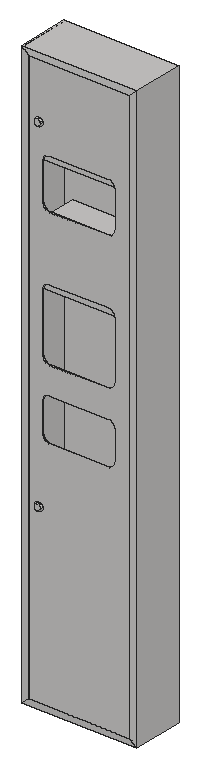
Revit family "Hand Dryer_3 In 1_Metlam_Eco_Surface Mounted", category Specialty Equipment, Revit 2016
Family settings
  Part Type = Normal
  Round Connector Dimension = Use Diameter
  OmniClass Number = 23.40.20.21.17
  OmniClass Title = Paper Towel Dispensers, Disposal Units
  Work Plane-Based = No
  Always vertical = Yes
  Cut with Voids When Loaded = Yes
  Shared = No
  Room Calculation Point = Yes
Parameters (values of type "318w x 142d x 1625h (ML_ECO_73N1SM)")
  Voltage = 240 V
  URL = "http://www.metlam.com.au/"
  Type Comments = "3 in 1 Combo Units"  # constant formula
  Model = "ML_ECO_73N1SM"
  Material_ANZRS = z_Metlam_Metal_Stainless Steel_Satin
  Manufacturer_URL__Product Specific = "https://www.metlam.com.au/product/content/hand-dryers/ML_ECO_73N1SM"
  Manufacturer_Spec Code = Model  # "ML_ECO_73N1SM"
  Manufacturer_Overall Width = 318 mm
  Manufacturer_Overall Height = 1625 mm
  Manufacturer_Overall Depth = 145 mm
  Manufacturer_Height From FFL [instance] = 0 mm
  Manufacturer = "Metlam"  # constant formula
  Description = "Paper Towel Dispenser, Eco Hand Dryer & Waste Receptacle Surface Mounted"
  CreatedBy_ANZRS = "IGS BIM Solutions"  # constant formula
  CreatedByURL_ANZRS = "http://www.igsgroup.com.au/"
  Assembly Code = ""
Reference planes
  plane 1 "Back": y = 0
  plane 2 "Ref. Level": z = 0
  plane 3 "Center (Left/Right)": x = 0
  plane 4 "Left": x = -159
  plane 5 "Right": x = 159
  plane 6 "Inside_Front": y = -138.5
  plane 7 "Front": y = -145
  plane 8 "Top": z = 1625
  plane 9 "Bottom": z = 0
  plane 10 "Inside_Top": z = 1606.5
  plane 11 "Inside_Bottom": z = 18.5
  plane 12 "Inside_Left": x = -140
  plane 13 "Inside_Right": x = 140
  plane 14 "Waste_Opening_Top": z = 788.5
  plane 15 "Inside Back": y = -2
  plane 16 "Paper Dispenser_Opening_Top": z = 1381.5
  plane 17 "Hand Dryer Opening_Top": z = 1063.5
Forms (mm)
  Extrusion 1, solid, material "z_Metlam_Metal_Stainless Steel_Satin" <- "Material_ANZRS"
    sketch origin (0, 0, 1265) x (1, 0, 0) y (0, 0, 1)
      loop
        line (-159, -1265) -> (159, -1265) -> (159, 360) -> (-159, 360) -> (-159, -1265)
      loop
        line (-157, -1263) -> (157, -1263) -> (157, 358) -> (-157, 358) -> (-157, -1263)
    from 0 to 138.5
  Extrusion 2, solid, material "z_Metlam_Metal_Stainless Steel_Satin" <- "Material_ANZRS"
    sketch origin (0, 0, 0) x (1, 0, 0) y (0, 0, 1)
      loop
        line (-159, 0) -> (159, 0) -> (159, 1625) -> (-159, 1625) -> (-159, 0)
    from 0 to 2
  Blend 3, solid, material "z_Metlam_Metal_Stainless Steel_Satin" <- "Material_ANZRS"
    base sketch origin (0, -138.5, 0) x (1, 0, 0) y (0, 0, 1)
      loop
        line (-159, 1625) -> (-159, 0) -> (159, 0) -> (159, 1625) -> (-159, 1625)
    top sketch origin (0, -138.5, 0) x (1, 0, 0) y (0, 0, 1)
      loop
        line (-140, 1606.5) -> (-140, 18.5) -> (140, 18.5) -> (140, 1606.5) -> (-140, 1606.5)
    from 5 to 6.5
  Blend 4, solid, material "z_Metlam_Metal_Stainless Steel_Satin" <- "Material_ANZRS", detail levels medium+fine
    base sketch origin (0, -145, 0) x (1, 0, 0) y (0, 0, 1)
      loop
        circle (-111.33, 503.611) r 11
    top sketch origin (0, -145, 0) x (1, 0, 0) y (0, 0, 1)
      loop
        circle (-111.33, 503.611) r 9
    from 0 to 4
  Blend 5, solid, material "z_Metlam_Metal_Stainless Steel_Satin" <- "Material_ANZRS", detail levels medium+fine
    base sketch origin (0, -145, 2340) x (1, 0, 0) y (0, 0, 1)
      loop
        circle (-111.33, -885.111) r 11
    top sketch origin (0, -145, 2340) x (1, 0, 0) y (0, 0, 1)
      loop
        circle (-111.33, -885.111) r 9
    from 0 to 4
  Extrusion 6, solid, material "z_Metlam_Metal_Stainless Steel_Satin" <- "Material_ANZRS"
    sketch origin (0, -138.5, 0) x (1, 0, 0) y (0, 0, 1)
      loop
        line (-140, 1606.5) -> (-140, 18.5) -> (140, 18.5) -> (140, 1606.5) -> (-140, 1606.5)
      loop
        line (159, 0) -> (159, 1625) -> (-159, 1625) -> (-159, 0) -> (159, 0)
    from 5 to 0
  Extrusion 7, void
    sketch origin (0, -145, 0) x (1, 0, 0) y (0, 0, 1)
      loop
        line (80, 788.5) -> (-80, 788.5)
        arc (-80, 788.5) -> (-94.142, 782.642) -> (-100, 768.5) r 20
        line (-100, 768.5) -> (-100, 688.5)
        arc (-100, 688.5) -> (-94.142, 674.358) -> (-80, 668.5) r 20
        line (-80, 668.5) -> (80, 668.5)
        arc (80, 668.5) -> (94.142, 674.358) -> (100, 688.5) r 20
        line (100, 688.5) -> (100, 768.5)
        arc (100, 768.5) -> (94.142, 782.642) -> (80, 788.5) r 20
    from -6.5 to 0
  Extrusion 8, void
    sketch origin (0, -145, 0) x (1, 0, 0) y (0, 0, 1)
      loop
        line (80, 1381.5) -> (-80, 1381.5)
        arc (-80, 1381.5) -> (-94.142, 1375.642) -> (-100, 1361.5) r 20
        line (-100, 1361.5) -> (-100, 1261.5)
        arc (-100, 1261.5) -> (-94.142, 1247.358) -> (-80, 1241.5) r 20
        line (-80, 1241.5) -> (80, 1241.5)
        arc (80, 1241.5) -> (94.142, 1247.358) -> (100, 1261.5) r 20
        line (100, 1261.5) -> (100, 1361.5)
        arc (100, 1361.5) -> (94.142, 1375.642) -> (80, 1381.5) r 20
    from -6.5 to 0
  Extrusion 9, void
    sketch origin (0, -145, 0) x (1, 0, 0) y (0, 0, 1)
      loop
        line (-100, 1043.5) -> (-100, 883.5)
        arc (-100, 883.5) -> (-94.142, 869.358) -> (-80, 863.5) r 20
        line (-80, 863.5) -> (80, 863.5)
        arc (80, 863.5) -> (94.142, 869.358) -> (100, 883.5) r 20
        line (100, 883.5) -> (100, 1043.5)
        arc (100, 1043.5) -> (94.142, 1057.642) -> (80, 1063.5) r 20
        line (80, 1063.5) -> (-80, 1063.5)
        arc (-80, 1063.5) -> (-94.142, 1057.642) -> (-100, 1043.5) r 20
    from -6.5 to 0
  Extrusion 10, solid, material "z_Metlam_Metal_Stainless Steel_Satin" <- "Material_ANZRS"
    sketch origin (0, -145, 0) x (1, 0, 0) y (0, 0, 1)
      loop
        line (-100, 1361.5) -> (100, 1361.5) -> (100, 1587) -> (-100, 1587) -> (-100, 1361.5)
    from -6.5 to -125.261
  Extrusion 11, solid, material "z_Metlam_Metal_Stainless Steel_Satin" <- "Material_ANZRS"
    sketch origin (0, -145, 0) x (1, 0, 0) y (0, 0, 1)
      loop
        line (-118, 1204) -> (-118, 1043.5) -> (112, 1043.5) -> (112, 1204) -> (-118, 1204)
    from -125.261 to -6.5
  Extrusion 12, void
    sketch origin (0, 0, 0) x (1, 0, 0) y (0, 0, 1)
      loop
        circle (99.994, 1063.5) r 5
    from 0 to 2
Cuts and joins
  Extrusion 7, Extrusion 8, Extrusion 9, Extrusion 12 cuts Extrusion 1
  Extrusion 7, Extrusion 8, Extrusion 9, Extrusion 12 cuts Extrusion 2
  Extrusion 7, Extrusion 8, Extrusion 9, Extrusion 12 cuts Blend 3
  Extrusion 7, Extrusion 8, Extrusion 9, Extrusion 12 cuts Extrusion 6
  Extrusion 12 cuts Extrusion 10
  joined: Extrusion 1, Extrusion 2, Blend 3, Extrusion 6, Extrusion 10
Lines and regions (mm)
  Masking region 1
    outline origin (0, 0, 1625) x (-1, 0, 0) y (0, -1, 0)
      loop
        line (-159, 0) -> (159, 0) -> (159, 138.5) -> (159, 143.5) -> (140, 145) -> (-140, 145) -> (-159, 143.5) -> (-159, 138.5) -> (-159, 0)
  symbolic lines, style "Bathroom Fixtures", detail levels medium+fine
    curve 1: line (-140, -138.5, 1625) -> (140, -138.5, 1625)
  model lines, style "Bathroom Fixtures"
    curve 2: line (-140, -145, 826) -> (140, -145, 826)
    curve 3: line (-140, -145, 1204) -> (140, -145, 1204)
Text (mm)
  text "> Contact Manufacturer to confirm feasibility of design variations outside the scope of this Revit Family\n\n\n\nDisclaimer:\n\nDue to ongoing product development and manufacturing evolution, product details are subject to change without notice. Please refer to product technical data sheets on the manufacturer’s website for the most current product information. Please allow a +/- 5mm manufacturing tolerance for dimensions and set-outs shown in product literature." at (235.3, 47.877, 0), in view "Ref. Level_Instruction"
Dimensions and locks
  equal spacing: plane 4 "Left", plane 3 "Center (Left/Right)", plane 5 "Right"
  "Manufacturer_Overall Width": plane 4 "Left" to plane 5 "Right"
  "Manufacturer_Overall Depth": plane 7 "Front" to plane 1 "Back"
  "Manufacturer_Overall Height": plane 8 "Top" to plane 9 "Bottom"
  locked: plane 8 "Top" to plane 10 "Inside_Top" at 18.5
  locked: plane 11 "Inside_Bottom" to plane 9 "Bottom" at 18.5
  locked: plane 12 "Inside_Left" to plane 13 "Inside_Right" at 280
  equal spacing: plane 12 "Inside_Left", plane 3 "Center (Left/Right)", plane 13 "Inside_Right"
  locked: plane 15 "Inside Back" to plane 1 "Back" at 2
  locked: plane 7 "Front" to plane 6 "Inside_Front" at 6.5
  locked: plane 10 "Inside_Top" to plane 16 "Paper Dispenser_Opening_Top" at 225
  locked: plane 17 "Hand Dryer Opening_Top" to Extrusion 9 sketch curve at 200
  locked: plane 16 "Paper Dispenser_Opening_Top" to Extrusion 10 sketch curve at 20
  locked: plane 14 "Waste_Opening_Top" to Extrusion 7 sketch curve at 120
  locked: plane 16 "Paper Dispenser_Opening_Top" to plane 17 "Hand Dryer Opening_Top" at 318
  plane 17 "Hand Dryer Opening_Top" to plane 14 "Waste_Opening_Top" = 275 mm
  "Manufacturer_Height From FFL": plane 9 "Bottom" to plane 2 "Ref. Level"
  locked: Extrusion 10 sketch curve to plane 16 "Paper Dispenser_Opening_Top" at 205.5
  locked: plane 17 "Hand Dryer Opening_Top" to Extrusion 11 sketch curve at 20
  locked: Extrusion 11 sketch curve to plane 17 "Hand Dryer Opening_Top" at 140.5
  locked: plane 8 "Top" to Extrusion 1 sketch curve at 2
  locked: Extrusion 1 sketch curve to plane 9 "Bottom" at 2
  aligned and locked: level to plane 2 "Ref. Level"
  aligned and locked: cut or joined group 1 (Extrusion 1, Extrusion 2, Blend 3, Extrusion 6, Extrusion 7, Extrusion 8, Extrusion 9, Extrusion 10, Extrusion 12) to plane 10 "Inside_Top"
  aligned and locked: plane 8 "Top" to cut or joined group 1  (x3)
  aligned and locked: plane 6 "Inside_Front" to cut or joined group 1  (x2)
  aligned and locked: Extrusion 8 to plane 7 "Front"
  aligned and locked: Extrusion 9 to plane 7 "Front"
  aligned and locked: Extrusion 7 to plane 7 "Front"
  aligned and locked: Extrusion 8 to plane 6 "Inside_Front"
  aligned and locked: Extrusion 9 to plane 6 "Inside_Front"
  aligned and locked: Extrusion 7 to plane 6 "Inside_Front"
  aligned and locked: plane 16 "Paper Dispenser_Opening_Top" to cut or joined group 1
  aligned and locked: plane 9 "Bottom" to Extrusion 1 sketch curve
  aligned and locked: cut or joined group 1 to plane 9 "Bottom"
  aligned and locked: Extrusion 2 sketch curve to plane 4 "Left"
  aligned and locked: Extrusion 2 sketch curve to plane 5 "Right"
  aligned and locked: plane 17 "Hand Dryer Opening_Top" to Extrusion 12 sketch curve
Automatic sketch dimensions
  plane 10 "Inside_Top" to Extrusion 2 sketch curve = 18.5 mm
  Extrusion 2 sketch curve to plane 11 "Inside_Bottom" = 18.5 mm
  plane 4 "Left" to Blend 3 sketch curve = 0 mm
  plane 5 "Right" to Blend 3 sketch curve = 0 mm
  Blend 3 sketch curve to plane 9 "Bottom" = 0 mm
  Blend 3 sketch curve to plane 8 "Top" = 0 mm
  Blend 3 sketch curve to plane 11 "Inside_Bottom" = 0 mm
  plane 12 "Inside_Left" to Blend 3 sketch curve = 0 mm
  plane 13 "Inside_Right" to Blend 3 sketch curve = 0 mm
  Blend 3 sketch curve to plane 10 "Inside_Top" = 0 mm
  plane 12 "Inside_Left" to Blend 4 sketch curve = 28.67 mm  (x2)
  Blend 5 sketch curve to plane 12 "Inside_Left" = 28.67 mm  (x2)
  Extrusion 6 sketch curve to plane 4 "Left" = 0 mm
  Extrusion 6 sketch curve to plane 11 "Inside_Bottom" = 0 mm
  Extrusion 6 sketch curve to plane 12 "Inside_Left" = 0 mm
  Extrusion 6 sketch curve to plane 10 "Inside_Top" = 0 mm
  plane 13 "Inside_Right" to Extrusion 6 sketch curve = 0 mm
  plane 5 "Right" to Extrusion 6 sketch curve = 0 mm
  Extrusion 6 sketch curve to plane 9 "Bottom" = 0 mm
  Extrusion 6 sketch curve to plane 8 "Top" = 0 mm
  plane 10 "Inside_Top" to Blend 5 sketch curve = 151.611 mm  (x2)
  Extrusion 8 sketch curve to plane 16 "Paper Dispenser_Opening_Top" = 0 mm
  Extrusion 8 sketch curve to plane 16 "Paper Dispenser_Opening_Top" = 20 mm
  plane 12 "Inside_Left" to Extrusion 8 sketch curve = 40 mm
  Extrusion 8 sketch curve to Extrusion 8 sketch curve = 20 mm  (x2)
  plane 13 "Inside_Right" to Extrusion 8 sketch curve = 60 mm  (x2)
  Extrusion 7 sketch curve to plane 14 "Waste_Opening_Top" = 0 mm
  plane 14 "Waste_Opening_Top" to Extrusion 7 sketch curve = 20 mm
  plane 12 "Inside_Left" to Extrusion 7 sketch curve = 40 mm
  plane 13 "Inside_Right" to Extrusion 7 sketch curve = 60 mm  (x2)
  Extrusion 9 sketch curve to plane 17 "Hand Dryer Opening_Top" = 0 mm
  plane 17 "Hand Dryer Opening_Top" to Extrusion 9 sketch curve = 20 mm  (x2)
  plane 12 "Inside_Left" to Extrusion 9 sketch curve = 40 mm
  plane 13 "Inside_Right" to Extrusion 9 sketch curve = 60 mm
  Extrusion 9 sketch curve to Extrusion 9 sketch curve = 20 mm  (x2)
  plane 6 "Inside_Front" to curve 1 = 0 mm
  curve 1 to plane 13 "Inside_Right" = 0 mm
  curve 1 to plane 12 "Inside_Left" = 0 mm
  curve 3 to plane 12 "Inside_Left" = 0 mm
  curve 2 to plane 12 "Inside_Left" = 0 mm
  plane 13 "Inside_Right" to curve 3 = 0 mm
  plane 13 "Inside_Right" to curve 2 = 0 mm
  curve 2 to plane 14 "Waste_Opening_Top" = 37.5 mm
  curve 3 to plane 17 "Hand Dryer Opening_Top" = 140.5 mm
  Extrusion 8 sketch curve to Extrusion 8 sketch curve = 100 mm
  plane 14 "Waste_Opening_Top" to Blend 4 sketch curve = 284.889 mm  (x2)
  Extrusion 7 sketch curve to Extrusion 7 sketch curve = 20 mm  (x2)
  plane 12 "Inside_Left" to Extrusion 10 sketch curve = 40 mm
  plane 13 "Inside_Right" to Extrusion 10 sketch curve = 40 mm
  plane 12 "Inside_Left" to Extrusion 11 sketch curve = 22 mm
  plane 13 "Inside_Right" to Extrusion 11 sketch curve = 28 mm
  Extrusion 1 sketch curve to plane 8 "Top" = 0 mm
  Extrusion 1 sketch curve to plane 12 "Inside_Left" = 19 mm
  Extrusion 1 sketch curve to plane 13 "Inside_Right" = 19 mm
  Extrusion 1 sketch curve to plane 12 "Inside_Left" = 17 mm
  Extrusion 1 sketch curve to plane 13 "Inside_Right" = 17 mm
  Extrusion 1 sketch curve to plane 9 "Bottom" = 0 mm
  plane 13 "Inside_Right" to Extrusion 12 sketch curve = 40.006 mm
  Masking region 1 sketch curve to plane 5 "Right" = 0 mm  (x2)
  Masking region 1 sketch curve to plane 13 "Inside_Right" = 0 mm
  plane 7 "Front" to Masking region 1 sketch curve = 0 mm
  Masking region 1 sketch curve to plane 12 "Inside_Left" = 0 mm
  plane 1 "Back" to Masking region 1 sketch curve = 0 mm
  Masking region 1 sketch curve to plane 4 "Left" = 0 mm  (x2)
  plane 6 "Inside_Front" to Masking region 1 sketch curve = 0 mm  (x4)
  Masking region 1 sketch curve to plane 7 "Front" = 1.5 mm  (x2)
  radius of Blend 4 sketch curve = 11 mm
  radius of Blend 4 sketch curve = 9 mm
  radius of Blend 5 sketch curve = 11 mm
  radius of Blend 5 sketch curve = 9 mm
  radius of Extrusion 12 sketch curve = 5 mm
Connectors
  electrical at (99.994, 0, 1063.5), driven by "Voltage"
    settings: on cut or joined group 1, index 1, voltage 240 V, apparent load 0 VA, apparent load phase1 0 VA, apparent load phase2 0 VA, apparent load phase3 0 VA, power factor 1, load classification "Power", number of poles 1, system type 30, power factor state 1, is connector primary yes, connector utility no, sub classification motor no, connector description "Power"
